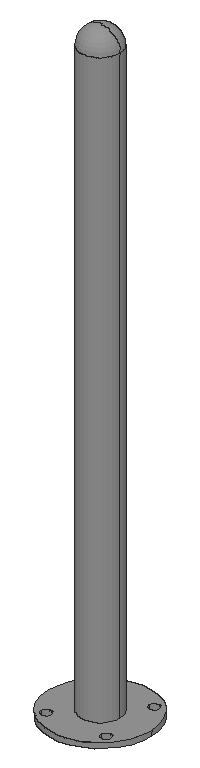
Revit family "10211 Столбик парковочный нержавеющий «Сфера» Хоббика", category Антураж, Revit 2018
Family settings
  На основе рабочей плоскости = Нет
  Всегда вертикально = Да
  При загрузке вырезать с полостями = Нет
  Источник визуального образа = Геометрия семейства
  Общий = Нет
  Точка расчета площади = Нет
Parameters (values of type "Версия 1,2 м")
  Ширина = Диаметр  # 76 mm
  Цвет каркаса = Сталь
  Описание = if([Версия 0,785 м], "Столбик парковочный нержавеющий «Сфера». Версия 0,785 м", "Столбик парковочный нержавеющий «Сфера». Версия 1,2 м")  # "Столбик парковочный нержавеющий «Сфера». Версия 1,2 м"
  Материал изделия = "Сталь"  # constant formula
  Изображение типоразмера = Столбик парковочный нержавеющий «Сфера» Арт 10211.jpg
  Изготовитель = "ООО «Хоббика»"  # constant formula
  Длина = Диаметр  # 76 mm
  Диаметр = 76 mm  # constant formula
  Группа модели = "Тротуарные столбики и ограждения"  # constant formula
  Высота = if([Версия 0,785 м], 785 mm, 1200 mm)  # 1200 mm
  Версия 1,2 м = not([Версия 0,785 м])  # yes
  Версия 0,785 м = no
  Артикул товара = "Арт. 10211"  # constant formula
  URL = "https://hobbyka.ru/product/stolbik_parkovochnyy_nerzhaveyushchiy_sfera"
Types (3, lengths in mm): name | Описание | Высота | Версия 1,2 м | Версия 0,785 м
  (no name) | "Столбик парковочный нержавеющий «Сфера». Версия 1,2 м" | 1200 | yes | no
  Версия 0,785 м | "Столбик парковочный нержавеющий «Сфера». Версия 0,785 м" | 785 | no | yes
  Версия 1,2 м | "Столбик парковочный нержавеющий «Сфера». Версия 1,2 м" | 1200 | yes | no
Reference planes
  plane 1 "По центру (Вперед/Назад)": y = 0
  plane 2: z = 0
  plane 3 "По центру (Влево/Вправо)": x = 0
  plane 4: y = 76
  plane 5: x = 76
  plane 6: z = 1200
Forms (mm)
  Extrusion 1, solid, material "Сталь" <- "Цвет каркаса"
    sketch origin (0, 0, 0) x (1, 0, 0) y (0, 1, 0)
      loop
        circle (38, 38) r 100
      loop
        circle (-20, 96) r 10
      loop
        circle (96, 96) r 10
      loop
        circle (96, -20) r 10
      loop
        circle (-20, -20) r 10
    from 0 to 10
  Revolve 2, solid, material "Сталь" <- "Цвет каркаса"
    sketch origin (0, 38, 0) x (1, 0, 0) y (0, 0, 1)
      loop
        line (38, 1200) -> (38, 10) -> (76, 10) -> (76, 1162)
        arc (76, 1162) -> (64.87, 1188.87) -> (38, 1200) r 38
      axis (38, 1200) -> (38, 10)
    angle from 0 to 360
Lines and regions (mm)
  reference lines
    curve 1: circle (38, 38, 0) r 38 normal (0, 0, 1)
Dimensions and locks
  "Ширина": plane 4 to plane 1 "По центру (Вперед/Назад)"
  "Длина": plane 3 "По центру (Влево/Вправо)" to plane 5
  "Высота": plane 6 to plane 2
  "Диаметр": diameter of curve 1
  aligned and locked: level to plane 2
  aligned and locked: Revolve 2 sketch curve to Extrusion 1
Automatic sketch dimensions
  Extrusion 1 sketch curve to plane 3 "По центру (Влево/Вправо)" = 20 mm  (x2)
  plane 3 "По центру (Влево/Вправо)" to Extrusion 1 sketch curve = 38 mm
  plane 5 to Extrusion 1 sketch curve = 20 mm  (x2)
  plane 1 "По центру (Вперед/Назад)" to Extrusion 1 sketch curve = 20 mm  (x2)
  Extrusion 1 sketch curve to plane 1 "По центру (Вперед/Назад)" = 38 mm
  plane 4 to Extrusion 1 sketch curve = 20 mm  (x2)
  plane 3 "По центру (Влево/Вправо)" to curve 1 = 38 mm
  curve 1 to plane 1 "По центру (Вперед/Назад)" = 38 mm
  Revolve 2 sketch curve to plane 6 = 0 mm  (x2)
  Revolve 2 sketch curve to plane 5 = 0 mm
  Revolve 2 sketch curve to Revolve 2 sketch curve = 38 mm
  Revolve 2 sketch curve to Revolve 2 sketch curve = 0 mm
  Revolve 2 sketch curve to Revolve 2 sketch curve = 162 mm
  radius of Extrusion 1 sketch curve = 100 mm
  radius of Extrusion 1 sketch curve = 10 mm  (x4)
